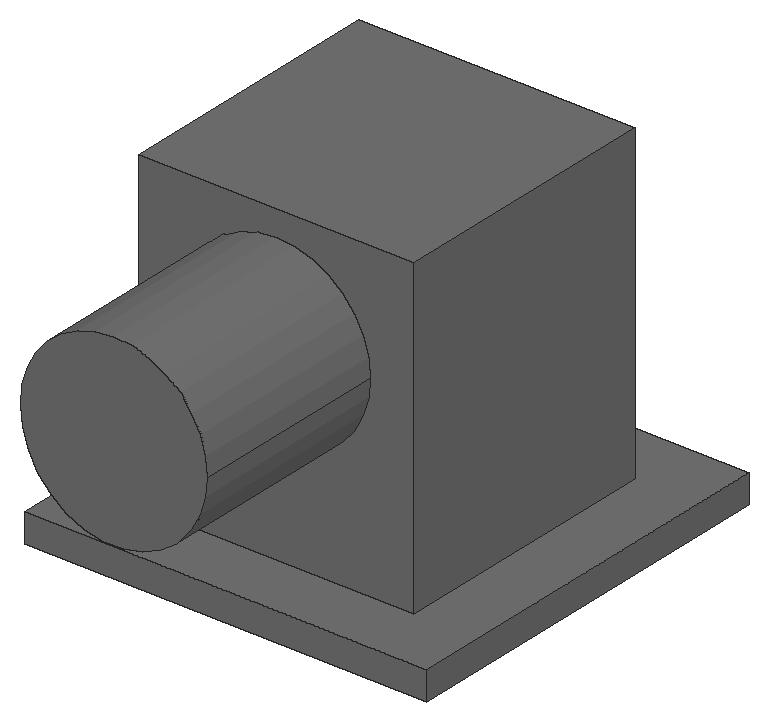
Revit family "vd-08zlxc14-c(k)_60Hz", category 機械設備, Revit 2019
Family settings
  丸型コネクタ寸法 = 直径を使用
  パーツ タイプ = 標準
  OmniClass 番号 = 23.75.35.17.27
  OmniClass タイトル = Centrifugal Fans
  作業面ベース = いいえ
  常に垂直 = はい
  ロード時にボイドで切り取り = いいえ
  共有 = いいえ
  部屋計算ポイント = はい
Parameters (values of type "VD-08ZLXC14-CK")
  騒音レベル(dB(A)) [instance] = 28
  風量 [instance] = 42.0 m³/h
  電源種別 [instance] = ""
  電圧 = 100 V
  電動機出力 = 0 W
  電動機_種別 [instance] = ""
  運転質量 = 0.00 kg
  連動 [instance] = ""
  質量 = if(製品質量 > 運転質量, 製品質量, 運転質量) * 1.2  # 1.20 kg
  負荷分類 = 3_ファン類
  説明 = "ダクト用換気扇 低騒音形 24時間換気機能付"
  設計風量 [instance] = 0.0 m³/h
  設置方法 = "天埋"
  記号 [instance] = ""
  製造元 = "三菱電機株式会社"
  製品質量 = 1.00 kg
  製品出荷対象 = "国内"
  製品リリース年月 = "2024年6月3日"
  製品グループ = ""
  系統 [instance] = ""
  符号 [instance] = if(☑給気／□排気, "FS", "FE")  # "FE"
  積算_科目 = "2 換気設備"
  積算_拾い区分 [instance] = ""
  相 = 1
  盤記号 [instance] = ""
  発停方法 [instance] = ""
  特殊仕様 [instance] = ""
  火災停止 [instance] = ""
  消費電力 = 2 W
  法定耐用年数 = "15"
  機外静圧 [instance] = 0.0 Pa
  極数 = 2
  材質 [instance] = ""
  操作・制御方式 = ""
  操作・制御スイッチ = ""
  排気量 [instance] = if(☑給気／□排気, 0.0 m³/h, 設計風量)  # 0.0 m³/h
  形式 = "天井埋込ダクト形"
  幹線記号 [instance] = ""
  対象室 [instance] = ""
  実風量 [instance] = 0.0 m³/h
  始動方式 [instance] = "直入"
  外気量 [instance] = if(☑給気／□排気, 設計風量, 0.0 m³/h)  # 0.0 m³/h
  呼称 = "天井扇"
  周波数 = 60 Hz
  参照している仕様書等のバージョン = ""
  分類コード = "50052503100030"
  分類グループ = ""
  価格 = 22700
  企業コード = "108420"
  付属品_防振装置 = ""
  付属品 [instance] = ""
  仕様書バージョン = "Version1.0"
  モデル = "VD-08ZLXC14-CK"
  マテリアル = 合成樹脂(黒)
  ファンの種類 = ""
  ダクト径 = 100 mm
  コメント [instance] = ""
  Keynote = ""
  カバーマテリアル = 合成樹脂(黒)
  ☑給気／□排気 [instance] = no
  Width = 144 mm
  W1 = 210 mm
  Version = ""
  Uniclass2015Version = "Systems v1.9"
  Uniclass2015Title = "Centrifugal fans"
  Uniclass2015Code = "Pr_65_67_29_12"
  URL = "https://www.mitsubishielectric.co.jp/ldg/wink/qr/002/333549/"
  SpecificationReference = ""
  SpecificationDescription = ""
  Revision = ""
  ProductInformation = ""
  OmniClassCode = "23-33 31 19 11 15"
  OAサイズ_D = 0 mm
  MIN風量 = 24.0 m³/h
  MIN静圧 = 0.0 Pa
  MID風量 = 0.0 m³/h
  MID静圧 = 0.0 Pa
  MAX風量 = 42.0 m³/h
  MAX静圧 = 0.0 Pa
  IfcTypeProduct = ""
  IfcProduct = ""
  IfcExportType = "PROPELLORAXIAL"
  IfcExportAs = "IfcFanType"
  Height = 164 mm
  H1 = 15 mm
  EAサイズ_D = 98 mm
  Duct_Height = 102 mm
  Duct_Depth = 106 mm
  Duct_Center = 0 mm
  Depth = 144 mm
  D1 = 210 mm
  Author = "三菱電機株式会社"
Types (2, lengths in mm): name | 価格 | モデル | カバーマテリアル | URL
  VD-08ZLXC14-C | 20600 | "VD-08ZLXC14-C" | 合成樹脂(白) | "https://www.mitsubishielectric.co.jp/ldg/wink/qr/002/333548/"
  VD-08ZLXC14-CK | 22700 | "VD-08ZLXC14-CK" | 合成樹脂(黒) | "https://www.mitsubishielectric.co.jp/ldg/wink/qr/002/333549/"
Reference planes
  plane 1 "中心(正面/背面)": y = 0
  plane 2: z = 0
  plane 3 "中心(左/右)": x = 0
  plane 4: x = -105
  plane 5: x = 105
  plane 6: y = 105
  plane 7: y = -105
  plane 8: x = -72
  plane 9: x = 72
  plane 10: y = 72
  plane 11: y = -72
  plane 12: y = -178
  plane 13: z = 164
  plane 14: z = -15
  plane 15: z = 102
  plane 16: x = 0
Forms (mm)
  Extrusion 1, solid, material "合成樹脂(黒)" <- "マテリアル", detail levels fine
    sketch origin (0, 0, 0) x (1, 0, 0) y (0, 1, 0)
      loop
        line (-72, 72) -> (-72, -72) -> (72, -72) -> (72, 72) -> (-72, 72)
    from 0 to 164
  Extrusion 2, solid, material "合成樹脂(黒)" <- "カバーマテリアル", detail levels fine
    sketch origin (0, 0, 0) x (1, 0, 0) y (0, 1, 0)
      loop
        line (-105, 105) -> (-105, -105) -> (105, -105) -> (105, 105) -> (-105, 105)
    from 0 to -15
  Extrusion 3, solid, material "合成樹脂(黒)" <- "マテリアル", detail levels fine
    sketch origin (0, 0, 0) x (1, 0, 0) y (0, 0, 1)
      loop
        circle (0, 102) r 49
    from 72 to 178
Dimensions and locks
  equal spacing: plane 4, plane 3 "中心(左/右)", plane 5
  "W1": plane 4 to plane 5
  equal spacing: plane 6, plane 1 "中心(正面/背面)", plane 7
  "D1": plane 6 to plane 7
  equal spacing: plane 8, plane 3 "中心(左/右)", plane 9
  "Width": plane 8 to plane 9
  equal spacing: plane 10, plane 1 "中心(正面/背面)", plane 11
  "Depth": plane 10 to plane 11
  "Duct_Depth": plane 11 to plane 12
  "Height": plane 13 to plane 2
  "Duct_Height": plane 15 to plane 2
  "H1": plane 2 to plane 14
  "Duct_Center": plane 3 "中心(左/右)" to plane 16
  "EAサイズ_D": diameter of Extrusion 3 sketch curve
  aligned and locked: level to plane 2
  aligned and locked: plane 5 to Extrusion 2
  aligned and locked: plane 6 to Extrusion 2
  aligned and locked: Extrusion 2 to plane 4
  aligned and locked: Extrusion 2 to plane 7
  aligned and locked: plane 9 to Extrusion 1
  aligned and locked: Extrusion 1 to plane 11
  aligned and locked: Extrusion 1 to plane 8
  aligned and locked: plane 10 to Extrusion 1
  aligned and locked: plane 13 to Extrusion 1
  aligned and locked: Extrusion 2 to plane 14
  aligned and locked: level to Extrusion 2
  aligned and locked: Extrusion 1 to level
  aligned and locked: Extrusion 3 to plane 12
  aligned and locked: plane 11 to Extrusion 3
Automatic sketch dimensions
  Extrusion 1 sketch curve to plane 3 "中心(左/右)" = 72 mm
  plane 3 "中心(左/右)" to Extrusion 1 sketch curve = 72 mm
  Extrusion 2 sketch curve to plane 3 "中心(左/右)" = 105 mm
  plane 3 "中心(左/右)" to Extrusion 2 sketch curve = 105 mm
  plane 1 "中心(正面/背面)" to Extrusion 1 sketch curve = 72 mm
  Extrusion 1 sketch curve to plane 1 "中心(正面/背面)" = 72 mm
  plane 1 "中心(正面/背面)" to Extrusion 2 sketch curve = 105 mm
  Extrusion 2 sketch curve to plane 1 "中心(正面/背面)" = 105 mm
  Extrusion 3 sketch curve to plane 15 = 0 mm
  Extrusion 3 sketch curve to plane 16 = 0 mm
Nested families
  nested 1: "記号_天井換気扇_平面" at (0, 0, 0), type "記号_天井換気扇_平面", detail levels coarse+medium
Connectors
  hvac at (0, -178, 102), driven by "ダクト径", driven by "風量", driven by "機外静圧"
    settings: on Extrusion 3, index 1, duct flow 42.0 m³/h, flow factor 0, pres drop 0.0 Pa, loss coef 0, conn angle 0.00°, conn width 304.8 mm, conn height 304.8 mm, conn diameter 100 mm, duct sys type 3, conn prof type 0, flow config 0, flow direction 2, loss method 4, conn ref index -1, conn util no, is conn primary yes, conn desc ""
  electrical at (0, 0, 164), driven by "極数", driven by "負荷分類", driven by "電圧", driven by "消費電力"
    settings: on Extrusion 1, index 2, voltage 100 V, apparent load 2 VA, apparent load phase1 0 VA, apparent load phase2 0 VA, apparent load phase3 0 VA, power factor 1, load classification "3_ファン類", number of poles 2, system type 30, power factor state 1, is connector primary yes, connector utility no, sub classification motor no, connector description ""
Definition of nested family "記号_天井換気扇_平面"
  Reference planes
    plane 1: y = 0
    plane 2: x = 0
  Lines and regions (mm)
    detail lines
      curve 1: line (-2.5, 2.5, 0) -> (2.5, 2.5, 0)
      curve 2: line (-2.5, -2.5, 0) -> (-2.5, 2.5, 0)
      curve 3: line (2.5, -2.5, 0) -> (-2.5, -2.5, 0)
      curve 4: line (2.5, 2.5, 0) -> (2.5, -2.5, 0)
      curve 5: circle (-1.04, -1.04, 0) r 1.46 normal (0, 0, 1)
      curve 6: circle (1.04, 1.04, 0) r 1.46 normal (0, 0, 1)
      curve 7: line (-3.125, 3.125, 0) -> (3.125, 3.125, 0)
      curve 8: line (-3.125, -3.125, 0) -> (-3.125, 3.125, 0)
      curve 9: line (3.125, -3.125, 0) -> (-3.125, -3.125, 0)
      curve 10: line (3.125, 3.125, 0) -> (3.125, -3.125, 0)
      curve 11: circle (1.295, 1.295, 0) r 1.83 normal (0, 0, 1)
      curve 12: circle (-1.295, -1.295, 0) r 1.83 normal (0, 0, 1)
      curve 13: line (-2, 2, 0) -> (2, 2, 0)
      curve 14: line (-2, -2, 0) -> (-2, 2, 0)
      curve 15: line (2, -2, 0) -> (-2, -2, 0)
      curve 16: line (2, 2, 0) -> (2, -2, 0)
      curve 17: circle (0.84, 0.84, 0) r 1.16 normal (0, 0, 1)
      curve 18: circle (-0.84, -0.84, 0) r 1.2 normal (0, 0, 1)
